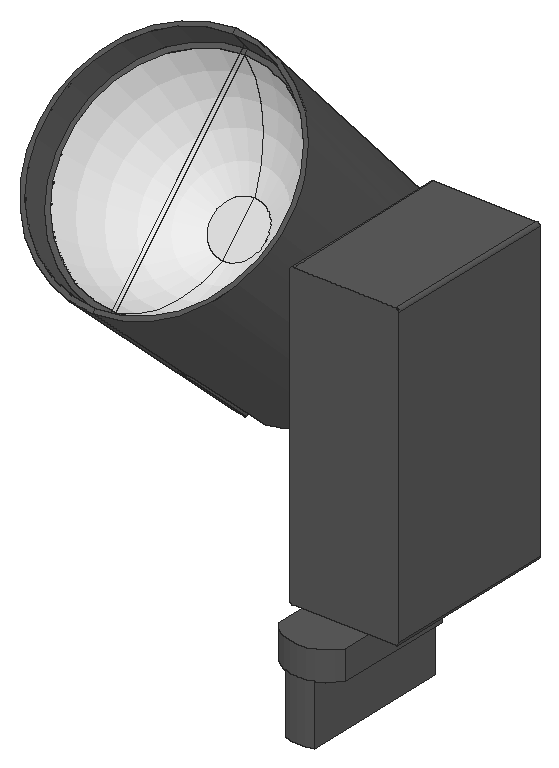
Revit family "0004893 Feilo Sylvania Lighting Fixture START TRACK SPOT L 55W 3K RA90 MB BLACK", category Lighting Fixtures, host Face, Revit 2017 (continued)
Definition of nested family "Start Track Spot Head"
  Types (96, lengths in mm): name | Wattage | built-in parameter 1150134 | Photometric Web File | Model | built-in parameter 1150105 | Lumens | built-in parameter 1150107 | built-in parameter 1150106 | HeadThickness_FEILO | HeadRibOffset_FEILO | HeadRibDepth_FEILO | HeadRibCutWidth_FEILO | HeadRibCutOffset_FEILO | HeadReflectorRadius_FEILO | HeadReflectorOffset_FEILO | HeadLEDRadius_FEILO | HeadHeight_FEILO | HeadDiffusorOffset_FEILO | HeadDiaOut_FEILO | HeadDiaIn_FEILO | HeadAxisFromTop_FEILO | Emit from Circle Diameter | built-in parameter 1150104 | Description | Apparent Load
    0004864 START TRACK SPOT S 24W 3K RA90 WB WHITE | 24 W | (empty or 0) | "0004864.ies" | "START TRACK SPOT S 24W 3K RA90 WB WHITE" | 152.79 (stored number, unit not read) | 1920 lm | 3000 (stored number, unit not read) | 1.5279 (stored number, unit not read) | 1.5 | 4.179 | 55.714 | 7.167 | 50.87 | 50.588 | 55.714 | 9.556 | 117 | 9.435 | 86 | 77.477 | 69.354 | 77.477 | 7.4322 (stored number, unit not read) | "Integrated LED spotlight, Textured White - RAL9016, compact and minimalist design, ideal for retail applications, die-cast aluminium body, passive cooling heatsink. Beam angle: 64°, color temperature: 3000K , total system power: 24W, total fixture output: 1928 lm, LOR: 100%, colour rendering: Ra: 90 typical, LED Chromaticity: 3 step MacAdam ellipse, lifetime: >50000 hours at L70B50, energy class: A++, A+, A, IR/UV free light source without heat radiation, operating voltage: 220-240V / 50-60Hz, drive current: 600mA, electronic driver, non-dimmable, power factor: 0.95, electrical protection: Class II, Global Track 3 Phase adapter suitable for Global trac 3-circuit tracks, ingress protection rating: IP20, suitable for internal environment only, horizontal rotation: 355°, vertical tilt: 90°, dimensions: Ø86x140x200, weight: 0.966kg." | 24 VA
    0004863 START TRACK SPOT S 24W 3K RA90 MB WHITE | 24 W | (empty or 0) | "0004863.ies" | "START TRACK SPOT S 24W 3K RA90 MB WHITE" | 154.7 (stored number, unit not read) | 1944 lm | 3000 (stored number, unit not read) | 1.547 (stored number, unit not read) | 1.5 | 4.179 | 55.714 | 7.167 | 50.87 | 50.588 | 55.714 | 9.556 | 117 | 9.435 | 86 | 77.477 | 69.354 | 77.477 | 7.5251 (stored number, unit not read) | "Integrated LED spotlight, Textured White - RAL9016, compact and minimalist design, ideal for retail applications, die-cast aluminium body, passive cooling heatsink. Beam angle: 36°, color temperature: 3000K , total system power: 24W, total fixture output: 1944 lm, LOR: 100%, colour rendering: Ra: 90 typical, LED Chromaticity: 3 step MacAdam ellipse, lifetime: >50000 hours at L70B50, energy class: A++, A+, A, IR/UV free light source without heat radiation, operating voltage: 220-240V / 50-60Hz, drive current: 600mA, electronic driver, non-dimmable, power factor: 0.95, electrical protection: Class II, Global Track 3 Phase adapter suitable for Global trac 3-circuit tracks, ingress protection rating: IP20, suitable for internal environment only, horizontal rotation: 355°, vertical tilt: 90°, dimensions: Ø86x140x200, weight: 0.966kg." | 24 VA
    0004862 START TRACK SPOT S 24W 3K RA90 NB WHITE | 24 W | (empty or 0) | "0004862.ies" | "START TRACK SPOT S 24W 3K RA90 NB WHITE" | 158.52 (stored number, unit not read) | 1992 lm | 3000 (stored number, unit not read) | 1.5852 (stored number, unit not read) | 1.5 | 4.179 | 55.714 | 7.167 | 50.87 | 50.588 | 55.714 | 9.556 | 117 | 9.435 | 86 | 77.477 | 69.354 | 77.477 | 7.711 (stored number, unit not read) | "Integrated LED spotlight, Textured White - RAL9016, compact and minimalist design, ideal for retail applications, die-cast aluminium body, passive cooling heatsink. Beam angle: 12°, color temperature: 3000K , total system power: 24W, total fixture output: 1987 lm, LOR: 100%, colour rendering: Ra: 90 typical, LED Chromaticity: 3 step MacAdam ellipse, lifetime: >50000 hours at L70B50, energy class: A++, A+, A, IR/UV free light source without heat radiation, operating voltage: 220-240V / 50-60Hz, drive current: 600mA, electronic driver, non-dimmable, power factor: 0.95, electrical protection: Class II, Global Track 3 Phase adapter suitable for Global trac 3-circuit tracks, ingress protection rating: IP20, suitable for internal environment only, horizontal rotation: 355°, vertical tilt: 90°, dimensions: Ø86x140x200, weight: 0.966kg." | 24 VA
    0004861 START TRACK SPOT S 14W 3K RA90 WB WHITE | 14 W | (empty or 0) | "0004861.ies" | "START TRACK SPOT S 14W 3K RA90 WB WHITE" | 100.27 (stored number, unit not read) | 1260 lm | 3000 (stored number, unit not read) | 1.0027 (stored number, unit not read) | 1.5 | 4.179 | 55.714 | 7.167 | 50.87 | 50.588 | 55.714 | 9.556 | 117 | 9.435 | 86 | 77.477 | 69.354 | 77.477 | 8.3613 (stored number, unit not read) | "Integrated LED spotlight, Textured White - RAL9016, compact and minimalist design, ideal for retail applications, die-cast aluminium body, passive cooling heatsink. Beam angle: 64°, color temperature: 3000K , total system power: 14W, total fixture output: 1262 lm, LOR: 100%, colour rendering: Ra: 90 typical, LED Chromaticity: 3 step MacAdam ellipse, lifetime: >50000 hours at L70B50, energy class: A++, A+, A, IR/UV free light source without heat radiation, operating voltage: 220-240V / 50-60Hz, drive current: 350mA, electronic driver, non-dimmable, power factor: 0.92, electrical protection: Class II, Global Track 3 Phase adapter suitable for Global trac 3-circuit tracks, ingress protection rating: IP20, suitable for internal environment only, horizontal rotation: 355°, vertical tilt: 90°, dimensions: Ø86x140x200, weight: 0.940kg." | 14 VA
    0004860 START TRACK SPOT S 14W 3K RA90 MB WHITE | 14 W | (empty or 0) | "0004860.ies" | "START TRACK SPOT S 14W 3K RA90 MB WHITE" | 100.27 (stored number, unit not read) | 1260 lm | 3000 (stored number, unit not read) | 1.0027 (stored number, unit not read) | 1.5 | 4.179 | 55.714 | 7.167 | 50.87 | 50.588 | 55.714 | 9.556 | 117 | 9.435 | 86 | 77.477 | 69.354 | 77.477 | 8.3613 (stored number, unit not read) | "Integrated LED spotlight, Textured White - RAL9016, compact and minimalist design, ideal for retail applications, die-cast aluminium body, passive cooling heatsink. Beam angle: 36°, color temperature: 3000K , total system power: 14W, total fixture output: 1262 lm, LOR: 100%, colour rendering: Ra: 90 typical, LED Chromaticity: 3 step MacAdam ellipse, lifetime: >50000 hours at L70B50, energy class: A++, A+, A, IR/UV free light source without heat radiation, operating voltage: 220-240V / 50-60Hz, drive current: 350mA, electronic driver, non-dimmable, power factor: 0.92, electrical protection: Class II, Global Track 3 Phase adapter suitable for Global trac 3-circuit tracks, ingress protection rating: IP20, suitable for internal environment only, horizontal rotation: 355°, vertical tilt: 90°, dimensions: Ø86x140x200, weight: 0.940kg." | 14 VA
    0004859 START TRACK SPOT S 14W 3K RA90 NB WHITE | 14 W | (empty or 0) | "0004859.ies" | "START TRACK SPOT S 14W 3K RA90 NB WHITE" | 102.5 (stored number, unit not read) | 1288 lm | 3000 (stored number, unit not read) | 1.025 (stored number, unit not read) | 1.5 | 4.179 | 55.714 | 7.167 | 50.87 | 50.588 | 55.714 | 9.556 | 117 | 9.435 | 86 | 77.477 | 69.354 | 77.477 | 8.5471 (stored number, unit not read) | "Integrated LED spotlight, Textured White - RAL9016, compact and minimalist design, ideal for retail applications, die-cast aluminium body, passive cooling heatsink. Beam angle: 12°, color temperature: 3000K , total system power: 14W, total fixture output: 1284 lm, LOR: 100%, colour rendering: Ra: 90 typical, LED Chromaticity: 3 step MacAdam ellipse, lifetime: >50000 hours at L70B50, energy class: A++, A+, A, IR/UV free light source without heat radiation, operating voltage: 220-240V / 50-60Hz, drive current: 350mA, electronic driver, non-dimmable, power factor: 0.92, electrical protection: Class II, Global Track 3 Phase adapter suitable for Global trac 3-circuit tracks, ingress protection rating: IP20, suitable for internal environment only, horizontal rotation: 355°, vertical tilt: 90°, dimensions: Ø86x140x200, weight: 0.940kg." | 14 VA
    0004858 START TRACK SPOT L 55W 4K RA80 WB BLACK | 55 W | 12 | "0004858.ies" | "START TRACK SPOT L 55W 4K RA80 WB BLACK" | 424.55 (stored number, unit not read) | 5335 lm | 4000 (stored number, unit not read) | 4.2455 (stored number, unit not read) | 2 | 4.429 | 59.048 | 9.417 | 53.913 | 66.471 | 59.048 | 12.556 | 124 | 10 | 113 | 101.802 | 73.503 | 101.802 | 9.0116 (stored number, unit not read) | "Integrated LED spotlight, Textured Black - RAL9005, compact and minimalist design, ideal for retail applications, die-cast aluminium body, passive cooling heatsink. Beam angle: 52°, color temperature: 4000K , total system power: 55W, total fixture output: 5320 lm, LOR: 100%, colour rendering: Ra: 80 typical, LED Chromaticity: 3 step MacAdam ellipse, lifetime: >50000 hours at L70B50, energy class: A++, A+, A, IR/UV free light source without heat radiation, operating voltage: 220-240V / 50-60Hz, drive current: 1400mA, electronic driver, non-dimmable, power factor: 0.96, electrical protection: Class II, Global Track 3 Phase adapter suitable for Global trac 3-circuit tracks, ingress protection rating: IP20, suitable for internal environment only, horizontal rotation: 355°, vertical tilt: 90°, dimensions: Ø113x164x240, weight: 1.398kg." | 55 VA
    0004857 START TRACK SPOT L 55W 4K RA80 MB BLACK | 55 W | 12 | "0004857.ies" | "START TRACK SPOT L 55W 4K RA80 MB BLACK" | 428.92 (stored number, unit not read) | 5390 lm | 4000 (stored number, unit not read) | 4.2892 (stored number, unit not read) | 2 | 4.429 | 59.048 | 9.417 | 53.913 | 66.471 | 59.048 | 12.556 | 124 | 10 | 113 | 101.802 | 73.503 | 101.802 | 9.1045 (stored number, unit not read) | "Integrated LED spotlight, Textured Black - RAL9005, compact and minimalist design, ideal for retail applications, die-cast aluminium body, passive cooling heatsink. Beam angle: 38°, color temperature: 4000K , total system power: 55W, total fixture output: 5378 lm, LOR: 100%, colour rendering: Ra: 80 typical, LED Chromaticity: 3 step MacAdam ellipse, lifetime: >50000 hours at L70B50, energy class: A++, A+, A, IR/UV free light source without heat radiation, operating voltage: 220-240V / 50-60Hz, drive current: 1400mA, electronic driver, non-dimmable, power factor: 0.96, electrical protection: Class II, Global Track 3 Phase adapter suitable for Global trac 3-circuit tracks, ingress protection rating: IP20, suitable for internal environment only, horizontal rotation: 355°, vertical tilt: 90°, dimensions: Ø113x164x240, weight: 1.398kg." | 55 VA
    0004856 START TRACK SPOT L 55W 4K RA80 NB BLACK | 55 W | 12 | "0004856.ies" | "START TRACK SPOT L 55W 4K RA80 NB BLACK" | 433.3 (stored number, unit not read) | 5445 lm | 4000 (stored number, unit not read) | 4.333 (stored number, unit not read) | 2 | 4.429 | 59.048 | 9.417 | 53.913 | 66.471 | 59.048 | 12.556 | 124 | 10 | 113 | 101.802 | 73.503 | 101.802 | 9.1974 (stored number, unit not read) | "Integrated LED spotlight, Textured Black - RAL9005, compact and minimalist design, ideal for retail applications, die-cast aluminium body, passive cooling heatsink. Beam angle: 15°, color temperature: 4000K , total system power: 55W, total fixture output: 5426 lm, LOR: 100%, colour rendering: Ra: 80 typical, LED Chromaticity: 3 step MacAdam ellipse, lifetime: >50000 hours at L70B50, energy class: A++, A+, A, IR/UV free light source without heat radiation, operating voltage: 220-240V / 50-60Hz, drive current: 1400mA, electronic driver, non-dimmable, power factor: 0.96, electrical protection: Class II, Global Track 3 Phase adapter suitable for Global trac 3-circuit tracks, ingress protection rating: IP20, suitable for internal environment only, horizontal rotation: 355°, vertical tilt: 90°, dimensions: Ø113x164x240, weight: 1.398kg." | 55 VA
    0004855 START TRACK SPOT L 35W 4K RA80 WB BLACK | 35 W | 12 | "0004855.ies" | "START TRACK SPOT L 35W 4K RA80 WB BLACK" | 320.3 (stored number, unit not read) | 4025 lm | 4000 (stored number, unit not read) | 3.203 (stored number, unit not read) | 2 | 4.429 | 59.048 | 9.417 | 53.913 | 66.471 | 59.048 | 12.556 | 124 | 10 | 113 | 101.802 | 73.503 | 101.802 | 10.684 (stored number, unit not read) | "Integrated LED spotlight, Textured Black - RAL9005, compact and minimalist design, ideal for retail applications, die-cast aluminium body, passive cooling heatsink. Beam angle: 52°, color temperature: 4000K , total system power: 35W, total fixture output: 4010 lm, LOR: 100%, colour rendering: Ra: 80 typical, LED Chromaticity: 3 step MacAdam ellipse, lifetime: >50000 hours at L70B50, energy class: A++, A+, A, IR/UV free light source without heat radiation, operating voltage: 220-240V / 50-60Hz, drive current: 900mA, electronic driver, non-dimmable, power factor: 0.93, electrical protection: Class II, Global Track 3 Phase adapter suitable for Global trac 3-circuit tracks, ingress protection rating: IP20, suitable for internal environment only, horizontal rotation: 355°, vertical tilt: 90°, dimensions: Ø113x164x240, weight: 1.368kg." | 35 VA
    0004854 START TRACK SPOT L 35W 4K RA80 MB BLACK | 35 W | 12 | "0004854.ies" | "START TRACK SPOT L 35W 4K RA80 MB BLACK" | 320.3 (stored number, unit not read) | 4025 lm | 4000 (stored number, unit not read) | 3.203 (stored number, unit not read) | 2 | 4.429 | 59.048 | 9.417 | 53.913 | 66.471 | 59.048 | 12.556 | 124 | 10 | 113 | 101.802 | 73.503 | 101.802 | 10.684 (stored number, unit not read) | "Integrated LED spotlight, Textured Black - RAL9005, compact and minimalist design, ideal for retail applications, die-cast aluminium body, passive cooling heatsink. Beam angle: 38°, color temperature: 4000K , total system power: 35W, total fixture output: 4017 lm, LOR: 100%, colour rendering: Ra: 80 typical, LED Chromaticity: 3 step MacAdam ellipse, lifetime: >50000 hours at L70B50, energy class: A++, A+, A, IR/UV free light source without heat radiation, operating voltage: 220-240V / 50-60Hz, drive current: 900mA, electronic driver, non-dimmable, power factor: 0.93, electrical protection: Class II, Global Track 3 Phase adapter suitable for Global trac 3-circuit tracks, ingress protection rating: IP20, suitable for internal environment only, horizontal rotation: 355°, vertical tilt: 90°, dimensions: Ø113x164x240, weight: 1.368kg." | 35 VA
    0004853 START TRACK SPOT L 35W 4K RA80 NB BLACK | 35 W | 12 | "0004853.ies" | "START TRACK SPOT L 35W 4K RA80 NB BLACK" | 331.44 (stored number, unit not read) | 4165 lm | 4000 (stored number, unit not read) | 3.3144 (stored number, unit not read) | 2 | 4.429 | 59.048 | 9.417 | 53.913 | 66.471 | 59.048 | 12.556 | 124 | 10 | 113 | 101.802 | 73.503 | 101.802 | 11.055 (stored number, unit not read) | "Integrated LED spotlight, Textured Black - RAL9005, compact and minimalist design, ideal for retail applications, die-cast aluminium body, passive cooling heatsink. Beam angle: 15°, color temperature: 4000K , total system power: 35W, total fixture output: 4174 lm, LOR: 100%, colour rendering: Ra: 80 typical, LED Chromaticity: 3 step MacAdam ellipse, lifetime: >50000 hours at L70B50, energy class: A++, A+, A, IR/UV free light source without heat radiation, operating voltage: 220-240V / 50-60Hz, drive current: 900mA, electronic driver, non-dimmable, power factor: 0.93, electrical protection: Class II, Global Track 3 Phase adapter suitable for Global trac 3-circuit tracks, ingress protection rating: IP20, suitable for internal environment only, horizontal rotation: 355°, vertical tilt: 90°, dimensions: Ø113x164x240, weight: 1.368kg." | 35 VA
    0004852 START TRACK SPOT S 24W 4K RA80 WB BLACK | 24 W | 12 | "0004852.ies" | "START TRACK SPOT S 24W 4K RA80 WB BLACK" | 196.72 (stored number, unit not read) | 2472 lm | 4000 (stored number, unit not read) | 1.9672 (stored number, unit not read) | 1.5 | 4.179 | 55.714 | 7.167 | 50.87 | 50.588 | 55.714 | 9.556 | 117 | 9.435 | 86 | 77.477 | 69.354 | 77.477 | 9.569 (stored number, unit not read) | "Integrated LED spotlight, Textured Black - RAL9005, compact and minimalist design, ideal for retail applications, die-cast aluminium body, passive cooling heatsink. Beam angle: 64°, color temperature: 4000K , total system power: 24W, total fixture output: 2476 lm, LOR: 100%, colour rendering: Ra: 80 typical, LED Chromaticity: 3 step MacAdam ellipse, lifetime: >50000 hours at L70B50, energy class: A++, A+, A, IR/UV free light source without heat radiation, operating voltage: 220-240V / 50-60Hz, drive current: 600mA, electronic driver, non-dimmable, power factor: 0.95, electrical protection: Class II, Global Track 3 Phase adapter suitable for Global trac 3-circuit tracks, ingress protection rating: IP20, suitable for internal environment only, horizontal rotation: 355°, vertical tilt: 90°, dimensions: Ø86x140x200, weight: 0.966kg." | 24 VA
    0004851 START TRACK SPOT S 24W 4K RA80 MB BLACK | 24 W | 12 | "0004851.ies" | "START TRACK SPOT S 24W 4K RA80 MB BLACK" | 198.63 (stored number, unit not read) | 2496 lm | 4000 (stored number, unit not read) | 1.9863 (stored number, unit not read) | 1.5 | 4.179 | 55.714 | 7.167 | 50.87 | 50.588 | 55.714 | 9.556 | 117 | 9.435 | 86 | 77.477 | 69.354 | 77.477 | 9.6619 (stored number, unit not read) | "Integrated LED spotlight, Textured Black - RAL9005, compact and minimalist design, ideal for retail applications, die-cast aluminium body, passive cooling heatsink. Beam angle: 36°, color temperature: 4000K , total system power: 24W, total fixture output: 2487 lm, LOR: 100%, colour rendering: Ra: 80 typical, LED Chromaticity: 3 step MacAdam ellipse, lifetime: >50000 hours at L70B50, energy class: A++, A+, A, IR/UV free light source without heat radiation, operating voltage: 220-240V / 50-60Hz, drive current: 600mA, electronic driver, non-dimmable, power factor: 0.95, electrical protection: Class II, Global Track 3 Phase adapter suitable for Global trac 3-circuit tracks, ingress protection rating: IP20, suitable for internal environment only, horizontal rotation: 355°, vertical tilt: 90°, dimensions: Ø86x140x200, weight: 0.966kg." | 24 VA
    0004850 START TRACK SPOT S 24W 4K RA80 NB BLACK | 24 W | 12 | "0004850.ies" | "START TRACK SPOT S 24W 4K RA80 NB BLACK" | 200.54 (stored number, unit not read) | 2520 lm | 4000 (stored number, unit not read) | 2.0054 (stored number, unit not read) | 1.5 | 4.179 | 55.714 | 7.167 | 50.87 | 50.588 | 55.714 | 9.556 | 117 | 9.435 | 86 | 77.477 | 69.354 | 77.477 | 9.7548 (stored number, unit not read) | "Integrated LED spotlight, Textured Black - RAL9005, compact and minimalist design, ideal for retail applications, die-cast aluminium body, passive cooling heatsink. Beam angle: 12°, color temperature: 4000K , total system power: 24W, total fixture output: 2529 lm, LOR: 100%, colour rendering: Ra: 80 typical, LED Chromaticity: 3 step MacAdam ellipse, lifetime: >50000 hours at L70B50, energy class: A++, A+, A, IR/UV free light source without heat radiation, operating voltage: 220-240V / 50-60Hz, drive current: 600mA, electronic driver, non-dimmable, power factor: 0.95, electrical protection: Class II, Global Track 3 Phase adapter suitable for Global trac 3-circuit tracks, ingress protection rating: IP20, suitable for internal environment only, horizontal rotation: 355°, vertical tilt: 90°, dimensions: Ø86x140x200, weight: 0.966kg." | 24 VA
    0004849 START TRACK SPOT S 14W 4K RA80 WB BLACK | 14 W | 12 | "0004849.ies" | "START TRACK SPOT S 14W 4K RA80 WB BLACK" | 123.66 (stored number, unit not read) | 1554 lm | 4000 (stored number, unit not read) | 1.2366 (stored number, unit not read) | 1.5 | 4.179 | 55.714 | 7.167 | 50.87 | 50.588 | 55.714 | 9.556 | 117 | 9.435 | 86 | 77.477 | 69.354 | 77.477 | 10.312 (stored number, unit not read) | "Integrated LED spotlight, Textured Black - RAL9005, compact and minimalist design, ideal for retail applications, die-cast aluminium body, passive cooling heatsink. Beam angle: 64°, color temperature: 4000K , total system power: 14W, total fixture output: 1558 lm, LOR: 100%, colour rendering: Ra: 80 typical, LED Chromaticity: 3 step MacAdam ellipse, lifetime: >50000 hours at L70B50, energy class: A++, A+, A, IR/UV free light source without heat radiation, operating voltage: 220-240V / 50-60Hz, drive current: 350mA, electronic driver, non-dimmable, power factor: 0.92, electrical protection: Class II, Global Track 3 Phase adapter suitable for Global trac 3-circuit tracks, ingress protection rating: IP20, suitable for internal environment only, horizontal rotation: 355°, vertical tilt: 90°, dimensions: Ø86x140x200, weight: 0.940kg." | 14 VA
    0004848 START TRACK SPOT S 14W 4K RA80 MB BLACK | 14 W | 12 | "0004848.ies" | "START TRACK SPOT S 14W 4K RA80 MB BLACK" | 127.01 (stored number, unit not read) | 1596 lm | 4000 (stored number, unit not read) | 1.2701 (stored number, unit not read) | 1.5 | 4.179 | 55.714 | 7.167 | 50.87 | 50.588 | 55.714 | 9.556 | 117 | 9.435 | 86 | 77.477 | 69.354 | 77.477 | 10.591 (stored number, unit not read) | "Integrated LED spotlight, Textured Black - RAL9005, compact and minimalist design, ideal for retail applications, die-cast aluminium body, passive cooling heatsink. Beam angle: 36°, color temperature: 4000K , total system power: 14W, total fixture output: 1598 lm, LOR: 100%, colour rendering: Ra: 80 typical, LED Chromaticity: 3 step MacAdam ellipse, lifetime: >50000 hours at L70B50, energy class: A++, A+, A, IR/UV free light source without heat radiation, operating voltage: 220-240V / 50-60Hz, drive current: 350mA, electronic driver, non-dimmable, power factor: 0.92, electrical protection: Class II, Global Track 3 Phase adapter suitable for Global trac 3-circuit tracks, ingress protection rating: IP20, suitable for internal environment only, horizontal rotation: 355°, vertical tilt: 90°, dimensions: Ø86x140x200, weight: 0.940kg." | 14 VA
    0004847 START TRACK SPOT S 14W 4K RA80 NB BLACK | 14 W | 12 | "0004847.ies" | "START TRACK SPOT S 14W 4K RA80 NB BLACK" | 128.12 (stored number, unit not read) | 1610 lm | 4000 (stored number, unit not read) | 1.2812 (stored number, unit not read) | 1.5 | 4.179 | 55.714 | 7.167 | 50.87 | 50.588 | 55.714 | 9.556 | 117 | 9.435 | 86 | 77.477 | 69.354 | 77.477 | 10.684 (stored number, unit not read) | "Integrated LED spotlight, Textured Black - RAL9005, compact and minimalist design, ideal for retail applications, die-cast aluminium body, passive cooling heatsink. Beam angle: 12°, color temperature: 4000K , total system power: 14W, total fixture output: 1608 lm, LOR: 100%, colour rendering: Ra: 80 typical, LED Chromaticity: 3 step MacAdam ellipse, lifetime: >50000 hours at L70B50, energy class: A++, A+, A, IR/UV free light source without heat radiation, operating voltage: 220-240V / 50-60Hz, drive current: 350mA, electronic driver, non-dimmable, power factor: 0.92, electrical protection: Class II, Global Track 3 Phase adapter suitable for Global trac 3-circuit tracks, ingress protection rating: IP20, suitable for internal environment only, horizontal rotation: 355°, vertical tilt: 90°, dimensions: Ø86x140x200, weight: 0.940kg." | 14 VA
    0004846 START TRACK SPOT L 55W 3K RA80 WB BLACK | 55 W | (empty or 0) | "0004846.ies" | "START TRACK SPOT L 55W 3K RA80 WB BLACK" | 420.17 (stored number, unit not read) | 5280 lm | 3000 (stored number, unit not read) | 4.2017 (stored number, unit not read) | 2 | 4.429 | 59.048 | 9.417 | 53.913 | 66.471 | 59.048 | 12.556 | 124 | 10 | 113 | 101.802 | 73.503 | 101.802 | 8.9187 (stored number, unit not read) | "Integrated LED spotlight, Textured Black - RAL9005, compact and minimalist design, ideal for retail applications, die-cast aluminium body, passive cooling heatsink. Beam angle: 52°, color temperature: 3000K , total system power: 55W, total fixture output: 5298 lm, LOR: 100%, colour rendering: Ra: 80 typical, LED Chromaticity: 3 step MacAdam ellipse, lifetime: >50000 hours at L70B50, energy class: A++, A+, A, IR/UV free light source without heat radiation, operating voltage: 220-240V / 50-60Hz, drive current: 1400mA, electronic driver, non-dimmable, power factor: 0.96, electrical protection: Class II, Global Track 3 Phase adapter suitable for Global trac 3-circuit tracks, ingress protection rating: IP20, suitable for internal environment only, horizontal rotation: 355°, vertical tilt: 90°, dimensions: Ø113x164x240, weight: 1.398kg." | 55 VA
    0004845 START TRACK SPOT L 55W 3K RA80 MB BLACK | 55 W | (empty or 0) | "0004845.ies" | "START TRACK SPOT L 55W 3K RA80 MB BLACK" | 428.92 (stored number, unit not read) | 5390 lm | 3000 (stored number, unit not read) | 4.2892 (stored number, unit not read) | 2 | 4.429 | 59.048 | 9.417 | 53.913 | 66.471 | 59.048 | 12.556 | 124 | 10 | 113 | 101.802 | 73.503 | 101.802 | 9.1045 (stored number, unit not read) | "Integrated LED spotlight, Textured Black - RAL9005, compact and minimalist design, ideal for retail applications, die-cast aluminium body, passive cooling heatsink. Beam angle: 38°, color temperature: 3000K , total system power: 55W, total fixture output: 5381 lm, LOR: 100%, colour rendering: Ra: 80 typical, LED Chromaticity: 3 step MacAdam ellipse, lifetime: >50000 hours at L70B50, energy class: A++, A+, A, IR/UV free light source without heat radiation, operating voltage: 220-240V / 50-60Hz, drive current: 1400mA, electronic driver, non-dimmable, power factor: 0.96, electrical protection: Class II, Global Track 3 Phase adapter suitable for Global trac 3-circuit tracks, ingress protection rating: IP20, suitable for internal environment only, horizontal rotation: 355°, vertical tilt: 90°, dimensions: Ø113x164x240, weight: 1.398kg." | 55 VA
    0004844 START TRACK SPOT L 55W 3K RA80 NB BLACK | 55 W | (empty or 0) | "0004844.ies" | "START TRACK SPOT L 55W 3K RA80 NB BLACK" | 433.3 (stored number, unit not read) | 5445 lm | 3000 (stored number, unit not read) | 4.333 (stored number, unit not read) | 2 | 4.429 | 59.048 | 9.417 | 53.913 | 66.471 | 59.048 | 12.556 | 124 | 10 | 113 | 101.802 | 73.503 | 101.802 | 9.1974 (stored number, unit not read) | "Integrated LED spotlight, Textured Black - RAL9005, compact and minimalist design, ideal for retail applications, die-cast aluminium body, passive cooling heatsink. Beam angle: 15°, color temperature: 3000K , total system power: 55W, total fixture output: 5449 lm, LOR: 100%, colour rendering: Ra: 80 typical, LED Chromaticity: 3 step MacAdam ellipse, lifetime: >50000 hours at L70B50, energy class: A++, A+, A, IR/UV free light source without heat radiation, operating voltage: 220-240V / 50-60Hz, drive current: 1400mA, electronic driver, non-dimmable, power factor: 0.96, electrical protection: Class II, Global Track 3 Phase adapter suitable for Global trac 3-circuit tracks, ingress protection rating: IP20, suitable for internal environment only, horizontal rotation: 355°, vertical tilt: 90°, dimensions: Ø113x164x240, weight: 1.398kg." | 55 VA
    0004843 START TRACK SPOT L 35W 3K RA80 WB BLACK | 35 W | (empty or 0) | "0004843.ies" | "START TRACK SPOT L 35W 3K RA80 WB BLACK" | 314.73 (stored number, unit not read) | 3955 lm | 3000 (stored number, unit not read) | 3.1473 (stored number, unit not read) | 2 | 4.429 | 59.048 | 9.417 | 53.913 | 66.471 | 59.048 | 12.556 | 124 | 10 | 113 | 101.802 | 73.503 | 101.802 | 10.498 (stored number, unit not read) | "Integrated LED spotlight, Textured Black - RAL9005, compact and minimalist design, ideal for retail applications, die-cast aluminium body, passive cooling heatsink. Beam angle: 52°, color temperature: 3000K , total system power: 35W, total fixture output: 3943 lm, LOR: 100%, colour rendering: Ra: 80 typical, LED Chromaticity: 3 step MacAdam ellipse, lifetime: >50000 hours at L70B50, energy class: A++, A+, A, IR/UV free light source without heat radiation, operating voltage: 220-240V / 50-60Hz, drive current: 900mA, electronic driver, non-dimmable, power factor: 0.93, electrical protection: Class II, Global Track 3 Phase adapter suitable for Global trac 3-circuit tracks, ingress protection rating: IP20, suitable for internal environment only, horizontal rotation: 355°, vertical tilt: 90°, dimensions: Ø113x164x240, weight: 1.368kg." | 35 VA
    0004842 START TRACK SPOT L 35W 3K RA80 MB BLACK | 35 W | (empty or 0) | "0004842.ies" | "START TRACK SPOT L 35W 3K RA80 MB BLACK" | 320.3 (stored number, unit not read) | 4025 lm | 3000 (stored number, unit not read) | 3.203 (stored number, unit not read) | 2 | 4.429 | 59.048 | 9.417 | 53.913 | 66.471 | 59.048 | 12.556 | 124 | 10 | 113 | 101.802 | 73.503 | 101.802 | 10.684 (stored number, unit not read) | "Integrated LED spotlight, Textured Black - RAL9005, compact and minimalist design, ideal for retail applications, die-cast aluminium body, passive cooling heatsink. Beam angle: 38°, color temperature: 3000K , total system power: 35W, total fixture output: 4008 lm, LOR: 100%, colour rendering: Ra: 80 typical, LED Chromaticity: 3 step MacAdam ellipse, lifetime: >50000 hours at L70B50, energy class: A++, A+, A, IR/UV free light source without heat radiation, operating voltage: 220-240V / 50-60Hz, drive current: 900mA, electronic driver, non-dimmable, power factor: 0.93, electrical protection: Class II, Global Track 3 Phase adapter suitable for Global trac 3-circuit tracks, ingress protection rating: IP20, suitable for internal environment only, horizontal rotation: 355°, vertical tilt: 90°, dimensions: Ø113x164x240, weight: 1.368kg." | 35 VA
    0004841 START TRACK SPOT L 35W 3K RA80 NB BLACK | 35 W | (empty or 0) | "0004841.ies" | "START TRACK SPOT L 35W 3K RA80 NB BLACK" | 317.51 (stored number, unit not read) | 3990 lm | 3000 (stored number, unit not read) | 3.1751 (stored number, unit not read) | 2 | 4.429 | 59.048 | 9.417 | 53.913 | 66.471 | 59.048 | 12.556 | 124 | 10 | 113 | 101.802 | 73.503 | 101.802 | 10.591 (stored number, unit not read) | "Integrated LED spotlight, Textured Black - RAL9005, compact and minimalist design, ideal for retail applications, die-cast aluminium body, passive cooling heatsink. Beam angle: 15°, color temperature: 3000K , total system power: 35W, total fixture output: 4005 lm, LOR: 100%, colour rendering: Ra: 80 typical, LED Chromaticity: 3 step MacAdam ellipse, lifetime: >50000 hours at L70B50, energy class: A++, A+, A, IR/UV free light source without heat radiation, operating voltage: 220-240V / 50-60Hz, drive current: 900mA, electronic driver, non-dimmable, power factor: 0.93, electrical protection: Class II, Global Track 3 Phase adapter suitable for Global trac 3-circuit tracks, ingress protection rating: IP20, suitable for internal environment only, horizontal rotation: 355°, vertical tilt: 90°, dimensions: Ø113x164x240, weight: 1.368kg." | 35 VA
    0004840 START TRACK SPOT S 24W 3K RA80 WB BLACK | 24 W | (empty or 0) | "0004840.ies" | "START TRACK SPOT S 24W 3K RA80 WB BLACK" | 185.26 (stored number, unit not read) | 2328 lm | 3000 (stored number, unit not read) | 1.8526 (stored number, unit not read) | 1.5 | 4.179 | 55.714 | 7.167 | 50.87 | 50.588 | 55.714 | 9.556 | 117 | 9.435 | 86 | 77.477 | 69.354 | 77.477 | 9.0116 (stored number, unit not read) | "Integrated LED spotlight, Textured Black - RAL9005, compact and minimalist design, ideal for retail applications, die-cast aluminium body, passive cooling heatsink. Beam angle: 64°, color temperature: 3000K , total system power: 24W, total fixture output: 2318 lm, LOR: 100%, colour rendering: Ra: 80 typical, LED Chromaticity: 3 step MacAdam ellipse, lifetime: >50000 hours at L70B50, energy class: A++, A+, A, IR/UV free light source without heat radiation, operating voltage: 220-240V / 50-60Hz, drive current: 600mA, electronic driver, non-dimmable, power factor: 0.95, electrical protection: Class II, Global Track 3 Phase adapter suitable for Global trac 3-circuit tracks, ingress protection rating: IP20, suitable for internal environment only, horizontal rotation: 355°, vertical tilt: 90°, dimensions: Ø86x140x200, weight: 0.966kg." | 24 VA
    0004839 START TRACK SPOT S 24W 3K RA80 MB BLACK | 24 W | (empty or 0) | "0004839.ies" | "START TRACK SPOT S 24W 3K RA80 MB BLACK" | 183.35 (stored number, unit not read) | 2304 lm | 3000 (stored number, unit not read) | 1.8335 (stored number, unit not read) | 1.5 | 4.179 | 55.714 | 7.167 | 50.87 | 50.588 | 55.714 | 9.556 | 117 | 9.435 | 86 | 77.477 | 69.354 | 77.477 | 8.9187 (stored number, unit not read) | "Integrated LED spotlight, Textured Black - RAL9005, compact and minimalist design, ideal for retail applications, die-cast aluminium body, passive cooling heatsink. Beam angle: 36°, color temperature: 3000K , total system power: 24W, total fixture output: 2314 lm, LOR: 100%, colour rendering: Ra: 80 typical, LED Chromaticity: 3 step MacAdam ellipse, lifetime: >50000 hours at L70B50, energy class: A++, A+, A, IR/UV free light source without heat radiation, operating voltage: 220-240V / 50-60Hz, drive current: 600mA, electronic driver, non-dimmable, power factor: 0.95, electrical protection: Class II, Global Track 3 Phase adapter suitable for Global trac 3-circuit tracks, ingress protection rating: IP20, suitable for internal environment only, horizontal rotation: 355°, vertical tilt: 90°, dimensions: Ø86x140x200, weight: 0.966kg." | 24 VA
    0004838 START TRACK SPOT S 24W 3K RA80 NB BLACK | 24 W | (empty or 0) | "0004838.ies" | "START TRACK SPOT S 24W 3K RA80 NB BLACK" | 185.26 (stored number, unit not read) | 2328 lm | 3000 (stored number, unit not read) | 1.8526 (stored number, unit not read) | 1.5 | 4.179 | 55.714 | 7.167 | 50.87 | 50.588 | 55.714 | 9.556 | 117 | 9.435 | 86 | 77.477 | 69.354 | 77.477 | 9.0116 (stored number, unit not read) | "Integrated LED spotlight, Textured Black - RAL9005, compact and minimalist design, ideal for retail applications, die-cast aluminium body, passive cooling heatsink. Beam angle: 12°, color temperature: 3000K , total system power: 24W, total fixture output: 2334 lm, LOR: 100%, colour rendering: Ra: 80 typical, LED Chromaticity: 3 step MacAdam ellipse, lifetime: >50000 hours at L70B50, energy class: A++, A+, A, IR/UV free light source without heat radiation, operating voltage: 220-240V / 50-60Hz, drive current: 600mA, electronic driver, non-dimmable, power factor: 0.95, electrical protection: Class II, Global Track 3 Phase adapter suitable for Global trac 3-circuit tracks, ingress protection rating: IP20, suitable for internal environment only, horizontal rotation: 355°, vertical tilt: 90°, dimensions: Ø86x140x200, weight: 0.966kg." | 24 VA
    0004837 START TRACK SPOT S 14W 3K RA80 WB BLACK | 14 W | (empty or 0) | "0004837.ies" | "START TRACK SPOT S 14W 3K RA80 WB BLACK" | 119.21 (stored number, unit not read) | 1498 lm | 3000 (stored number, unit not read) | 1.1921 (stored number, unit not read) | 1.5 | 4.179 | 55.714 | 7.167 | 50.87 | 50.588 | 55.714 | 9.556 | 117 | 9.435 | 86 | 77.477 | 69.354 | 77.477 | 9.9406 (stored number, unit not read) | "Integrated LED spotlight, Textured Black - RAL9005, compact and minimalist design, ideal for retail applications, die-cast aluminium body, passive cooling heatsink. Beam angle: 64°, color temperature: 3000K , total system power: 14W, total fixture output: 1498 lm, LOR: 100%, colour rendering: Ra: 80 typical, LED Chromaticity: 3 step MacAdam ellipse, lifetime: >50000 hours at L70B50, energy class: A++, A+, A, IR/UV free light source without heat radiation, operating voltage: 220-240V / 50-60Hz, drive current: 350mA, electronic driver, non-dimmable, power factor: 0.92, electrical protection: Class II, Global Track 3 Phase adapter suitable for Global trac 3-circuit tracks, ingress protection rating: IP20, suitable for internal environment only, horizontal rotation: 355°, vertical tilt: 90°, dimensions: Ø86x140x200, weight: 0.940kg." | 14 VA
    0004836 START TRACK SPOT S 14W 3K RA80 MB BLACK | 14 W | (empty or 0) | "0004836.ies" | "START TRACK SPOT S 14W 3K RA80 MB BLACK" | 120.32 (stored number, unit not read) | 1512 lm | 3000 (stored number, unit not read) | 1.2032 (stored number, unit not read) | 1.5 | 4.179 | 55.714 | 7.167 | 50.87 | 50.588 | 55.714 | 9.556 | 117 | 9.435 | 86 | 77.477 | 69.354 | 77.477 | 10.034 (stored number, unit not read) | "Integrated LED spotlight, Textured Black - RAL9005, compact and minimalist design, ideal for retail applications, die-cast aluminium body, passive cooling heatsink. Beam angle: 36°, color temperature: 3000K , total system power: 14W, total fixture output: 1508 lm, LOR: 100%, colour rendering: Ra: 80 typical, LED Chromaticity: 3 step MacAdam ellipse, lifetime: >50000 hours at L70B50, energy class: A++, A+, A, IR/UV free light source without heat radiation, operating voltage: 220-240V / 50-60Hz, drive current: 350mA, electronic driver, non-dimmable, power factor: 0.92, electrical protection: Class II, Global Track 3 Phase adapter suitable for Global trac 3-circuit tracks, ingress protection rating: IP20, suitable for internal environment only, horizontal rotation: 355°, vertical tilt: 90°, dimensions: Ø86x140x200, weight: 0.940kg." | 14 VA
    0004835 START TRACK SPOT S 14W 3K RA80 NB BLACK | 14 W | (empty or 0) | "0004835.ies" | "START TRACK SPOT S 14W 3K RA80 NB BLACK" | 123.66 (stored number, unit not read) | 1554 lm | 3000 (stored number, unit not read) | 1.2366 (stored number, unit not read) | 1.5 | 4.179 | 55.714 | 7.167 | 50.87 | 50.588 | 55.714 | 9.556 | 117 | 9.435 | 86 | 77.477 | 69.354 | 77.477 | 10.312 (stored number, unit not read) | "Integrated LED spotlight, Textured Black - RAL9005, compact and minimalist design, ideal for retail applications, die-cast aluminium body, passive cooling heatsink. Beam angle: 12°, color temperature: 3000K , total system power: 14W, total fixture output: 1551 lm, LOR: 100%, colour rendering: Ra: 80 typical, LED Chromaticity: 3 step MacAdam ellipse, lifetime: >50000 hours at L70B50, energy class: A++, A+, A, IR/UV free light source without heat radiation, operating voltage: 220-240V / 50-60Hz, drive current: 350mA, electronic driver, non-dimmable, power factor: 0.92, electrical protection: Class II, Global Track 3 Phase adapter suitable for Global trac 3-circuit tracks, ingress protection rating: IP20, suitable for internal environment only, horizontal rotation: 355°, vertical tilt: 90°, dimensions: Ø86x140x200, weight: 0.940kg." | 14 VA
    0004834 START TRACK SPOT L 55W 4K RA80 WB WHITE | 55 W | 12 | "0004834.ies" | "START TRACK SPOT L 55W 4K RA80 WB WHITE" | 424.55 (stored number, unit not read) | 5335 lm | 4000 (stored number, unit not read) | 4.2455 (stored number, unit not read) | 2 | 4.429 | 59.048 | 9.417 | 53.913 | 66.471 | 59.048 | 12.556 | 124 | 10 | 113 | 101.802 | 73.503 | 101.802 | 9.0116 (stored number, unit not read) | "Integrated LED spotlight, Textured White - RAL9016, compact and minimalist design, ideal for retail applications, die-cast aluminium body, passive cooling heatsink. Beam angle: 52°, color temperature: 4000K , total system power: 55W, total fixture output: 5320 lm, LOR: 100%, colour rendering: Ra: 80 typical, LED Chromaticity: 3 step MacAdam ellipse, lifetime: >50000 hours at L70B50, energy class: A++, A+, A, IR/UV free light source without heat radiation, operating voltage: 220-240V / 50-60Hz, drive current: 1400mA, electronic driver, non-dimmable, power factor: 0.96, electrical protection: Class II, Global Track 3 Phase adapter suitable for Global trac 3-circuit tracks, ingress protection rating: IP20, suitable for internal environment only, horizontal rotation: 355°, vertical tilt: 90°, dimensions: Ø113x164x240, weight: 1.398kg." | 55 VA
    0004833 START TRACK SPOT L 55W 4K RA80 MB WHITE | 55 W | 12 | "0004833.ies" | "START TRACK SPOT L 55W 4K RA80 MB WHITE" | 428.92 (stored number, unit not read) | 5390 lm | 4000 (stored number, unit not read) | 4.2892 (stored number, unit not read) | 2 | 4.429 | 59.048 | 9.417 | 53.913 | 66.471 | 59.048 | 12.556 | 124 | 10 | 113 | 101.802 | 73.503 | 101.802 | 9.1045 (stored number, unit not read) | "Integrated LED spotlight, Textured White - RAL9016, compact and minimalist design, ideal for retail applications, die-cast aluminium body, passive cooling heatsink. Beam angle: 38°, color temperature: 4000K , total system power: 55W, total fixture output: 5378 lm, LOR: 100%, colour rendering: Ra: 80 typical, LED Chromaticity: 3 step MacAdam ellipse, lifetime: >50000 hours at L70B50, energy class: A++, A+, A, IR/UV free light source without heat radiation, operating voltage: 220-240V / 50-60Hz, drive current: 1400mA, electronic driver, non-dimmable, power factor: 0.96, electrical protection: Class II, Global Track 3 Phase adapter suitable for Global trac 3-circuit tracks, ingress protection rating: IP20, suitable for internal environment only, horizontal rotation: 355°, vertical tilt: 90°, dimensions: Ø113x164x240, weight: 1.398kg." | 55 VA
    0004832 START TRACK SPOT L 55W 4K RA80 NB WHITE | 55 W | 12 | "0004832.ies" | "START TRACK SPOT L 55W 4K RA80 NB WHITE" | 433.3 (stored number, unit not read) | 5445 lm | 4000 (stored number, unit not read) | 4.333 (stored number, unit not read) | 2 | 4.429 | 59.048 | 9.417 | 53.913 | 66.471 | 59.048 | 12.556 | 124 | 10 | 113 | 101.802 | 73.503 | 101.802 | 9.1974 (stored number, unit not read) | "Integrated LED spotlight, Textured White - RAL9016, compact and minimalist design, ideal for retail applications, die-cast aluminium body, passive cooling heatsink. Beam angle: 15°, color temperature: 4000K , total system power: 55W, total fixture output: 5426 lm, LOR: 100%, colour rendering: Ra: 80 typical, LED Chromaticity: 3 step MacAdam ellipse, lifetime: >50000 hours at L70B50, energy class: A++, A+, A, IR/UV free light source without heat radiation, operating voltage: 220-240V / 50-60Hz, drive current: 1400mA, electronic driver, non-dimmable, power factor: 0.96, electrical protection: Class II, Global Track 3 Phase adapter suitable for Global trac 3-circuit tracks, ingress protection rating: IP20, suitable for internal environment only, horizontal rotation: 355°, vertical tilt: 90°, dimensions: Ø113x164x240, weight: 1.398kg." | 55 VA
    0004831 START TRACK SPOT L 35W 4K RA80 WB WHITE | 35 W | 12 | "0004831.ies" | "START TRACK SPOT L 35W 4K RA80 WB WHITE" | 320.3 (stored number, unit not read) | 4025 lm | 4000 (stored number, unit not read) | 3.203 (stored number, unit not read) | 2 | 4.429 | 59.048 | 9.417 | 53.913 | 66.471 | 59.048 | 12.556 | 124 | 10 | 113 | 101.802 | 73.503 | 101.802 | 10.684 (stored number, unit not read) | "Integrated LED spotlight, Textured White - RAL9016, compact and minimalist design, ideal for retail applications, die-cast aluminium body, passive cooling heatsink. Beam angle: 52°, color temperature: 4000K , total system power: 35W, total fixture output: 4010 lm, LOR: 100%, colour rendering: Ra: 80 typical, LED Chromaticity: 3 step MacAdam ellipse, lifetime: >50000 hours at L70B50, energy class: A++, A+, A, IR/UV free light source without heat radiation, operating voltage: 220-240V / 50-60Hz, drive current: 900mA, electronic driver, non-dimmable, power factor: 0.93, electrical protection: Class II, Global Track 3 Phase adapter suitable for Global trac 3-circuit tracks, ingress protection rating: IP20, suitable for internal environment only, horizontal rotation: 355°, vertical tilt: 90°, dimensions: Ø113x164x240, weight: 1.368kg." | 35 VA
    0004830 START TRACK SPOT L 35W 4K RA80 MB WHITE | 35 W | 12 | "0004830.ies" | "START TRACK SPOT L 35W 4K RA80 MB WHITE" | 320.3 (stored number, unit not read) | 4025 lm | 4000 (stored number, unit not read) | 3.203 (stored number, unit not read) | 2 | 4.429 | 59.048 | 9.417 | 53.913 | 66.471 | 59.048 | 12.556 | 124 | 10 | 113 | 101.802 | 73.503 | 101.802 | 10.684 (stored number, unit not read) | "Integrated LED spotlight, Textured White - RAL9016, compact and minimalist design, ideal for retail applications, die-cast aluminium body, passive cooling heatsink. Beam angle: 38°, color temperature: 4000K , total system power: 35W, total fixture output: 4017 lm, LOR: 100%, colour rendering: Ra: 80 typical, LED Chromaticity: 3 step MacAdam ellipse, lifetime: >50000 hours at L70B50, energy class: A++, A+, A, IR/UV free light source without heat radiation, operating voltage: 220-240V / 50-60Hz, drive current: 900mA, electronic driver, non-dimmable, power factor: 0.93, electrical protection: Class II, Global Track 3 Phase adapter suitable for Global trac 3-circuit tracks, ingress protection rating: IP20, suitable for internal environment only, horizontal rotation: 355°, vertical tilt: 90°, dimensions: Ø113x164x240, weight: 1.368kg." | 35 VA
    0004829 START TRACK SPOT L 35W 4K RA80 NB WHITE | 35 W | 12 | "0004829.ies" | "START TRACK SPOT L 35W 4K RA80 NB WHITE" | 331.44 (stored number, unit not read) | 4165 lm | 4000 (stored number, unit not read) | 3.3144 (stored number, unit not read) | 2 | 4.429 | 59.048 | 9.417 | 53.913 | 66.471 | 59.048 | 12.556 | 124 | 10 | 113 | 101.802 | 73.503 | 101.802 | 11.055 (stored number, unit not read) | "Integrated LED spotlight, Textured White - RAL9016, compact and minimalist design, ideal for retail applications, die-cast aluminium body, passive cooling heatsink. Beam angle: 15°, color temperature: 4000K , total system power: 35W, total fixture output: 4174 lm, LOR: 100%, colour rendering: Ra: 80 typical, LED Chromaticity: 3 step MacAdam ellipse, lifetime: >50000 hours at L70B50, energy class: A++, A+, A, IR/UV free light source without heat radiation, operating voltage: 220-240V / 50-60Hz, drive current: 900mA, electronic driver, non-dimmable, power factor: 0.93, electrical protection: Class II, Global Track 3 Phase adapter suitable for Global trac 3-circuit tracks, ingress protection rating: IP20, suitable for internal environment only, horizontal rotation: 355°, vertical tilt: 90°, dimensions: Ø113x164x240, weight: 1.368kg." | 35 VA
    0004828 START TRACK SPOT S 24W 4K RA80 WB WHITE | 24 W | 12 | "0004828.ies" | "START TRACK SPOT S 24W 4K RA80 WB WHITE" | 196.72 (stored number, unit not read) | 2472 lm | 4000 (stored number, unit not read) | 1.9672 (stored number, unit not read) | 1.5 | 4.179 | 55.714 | 7.167 | 50.87 | 50.588 | 55.714 | 9.556 | 117 | 9.435 | 86 | 77.477 | 69.354 | 77.477 | 9.569 (stored number, unit not read) | "Integrated LED spotlight, Textured White - RAL9016, compact and minimalist design, ideal for retail applications, die-cast aluminium body, passive cooling heatsink. Beam angle: 64°, color temperature: 4000K , total system power: 24W, total fixture output: 2476 lm, LOR: 100%, colour rendering: Ra: 80 typical, LED Chromaticity: 3 step MacAdam ellipse, lifetime: >50000 hours at L70B50, energy class: A++, A+, A, IR/UV free light source without heat radiation, operating voltage: 220-240V / 50-60Hz, drive current: 600mA, electronic driver, non-dimmable, power factor: 0.95, electrical protection: Class II, Global Track 3 Phase adapter suitable for Global trac 3-circuit tracks, ingress protection rating: IP20, suitable for internal environment only, horizontal rotation: 355°, vertical tilt: 90°, dimensions: Ø86x140x200, weight: 0.966kg." | 24 VA
    0004827 START TRACK SPOT S 24W 4K RA80 MB WHITE | 24 W | 12 | "0004827.ies" | "START TRACK SPOT S 24W 4K RA80 MB WHITE" | 198.63 (stored number, unit not read) | 2496 lm | 4000 (stored number, unit not read) | 1.9863 (stored number, unit not read) | 1.5 | 4.179 | 55.714 | 7.167 | 50.87 | 50.588 | 55.714 | 9.556 | 117 | 9.435 | 86 | 77.477 | 69.354 | 77.477 | 9.6619 (stored number, unit not read) | "Integrated LED spotlight, Textured White - RAL9016, compact and minimalist design, ideal for retail applications, die-cast aluminium body, passive cooling heatsink. Beam angle: 36°, color temperature: 4000K , total system power: 24W, total fixture output: 2487 lm, LOR: 100%, colour rendering: Ra: 80 typical, LED Chromaticity: 3 step MacAdam ellipse, lifetime: >50000 hours at L70B50, energy class: A++, A+, A, IR/UV free light source without heat radiation, operating voltage: 220-240V / 50-60Hz, drive current: 600mA, electronic driver, non-dimmable, power factor: 0.95, electrical protection: Class II, Global Track 3 Phase adapter suitable for Global trac 3-circuit tracks, ingress protection rating: IP20, suitable for internal environment only, horizontal rotation: 355°, vertical tilt: 90°, dimensions: Ø86x140x200, weight: 0.966kg." | 24 VA
    0004826 START TRACK SPOT S 24W 4K RA80 NB WHITE | 24 W | 12 | "0004826.ies" | "START TRACK SPOT S 24W 4K RA80 NB WHITE" | 200.54 (stored number, unit not read) | 2520 lm | 4000 (stored number, unit not read) | 2.0054 (stored number, unit not read) | 1.5 | 4.179 | 55.714 | 7.167 | 50.87 | 50.588 | 55.714 | 9.556 | 117 | 9.435 | 86 | 77.477 | 69.354 | 77.477 | 9.7548 (stored number, unit not read) | "Integrated LED spotlight, Textured White - RAL9016, compact and minimalist design, ideal for retail applications, die-cast aluminium body, passive cooling heatsink. Beam angle: 12°, color temperature: 4000K , total system power: 24W, total fixture output: 2529 lm, LOR: 100%, colour rendering: Ra: 80 typical, LED Chromaticity: 3 step MacAdam ellipse, lifetime: >50000 hours at L70B50, energy class: A++, A+, A, IR/UV free light source without heat radiation, operating voltage: 220-240V / 50-60Hz, drive current: 600mA, electronic driver, non-dimmable, power factor: 0.95, electrical protection: Class II, Global Track 3 Phase adapter suitable for Global trac 3-circuit tracks, ingress protection rating: IP20, suitable for internal environment only, horizontal rotation: 355°, vertical tilt: 90°, dimensions: Ø86x140x200, weight: 0.966kg." | 24 VA
    0004825 START TRACK SPOT S 14W 4K RA80 WB WHITE | 14 W | 12 | "0004825.ies" | "START TRACK SPOT S 14W 4K RA80 WB WHITE" | 123.66 (stored number, unit not read) | 1554 lm | 4000 (stored number, unit not read) | 1.2366 (stored number, unit not read) | 1.5 | 4.179 | 55.714 | 7.167 | 50.87 | 50.588 | 55.714 | 9.556 | 117 | 9.435 | 86 | 77.477 | 69.354 | 77.477 | 10.312 (stored number, unit not read) | "Integrated LED spotlight, Textured White - RAL9016, compact and minimalist design, ideal for retail applications, die-cast aluminium body, passive cooling heatsink. Beam angle: 64°, color temperature: 4000K , total system power: 14W, total fixture output: 1558 lm, LOR: 100%, colour rendering: Ra: 80 typical, LED Chromaticity: 3 step MacAdam ellipse, lifetime: >50000 hours at L70B50, energy class: A++, A+, A, IR/UV free light source without heat radiation, operating voltage: 220-240V / 50-60Hz, drive current: 350mA, electronic driver, non-dimmable, power factor: 0.92, electrical protection: Class II, Global Track 3 Phase adapter suitable for Global trac 3-circuit tracks, ingress protection rating: IP20, suitable for internal environment only, horizontal rotation: 355°, vertical tilt: 90°, dimensions: Ø86x140x200, weight: 0.940kg." | 14 VA
    0004824 START TRACK SPOT S 14W 4K RA80 MB WHITE | 14 W | 12 | "0004824.ies" | "START TRACK SPOT S 14W 4K RA80 MB WHITE" | 127.01 (stored number, unit not read) | 1596 lm | 4000 (stored number, unit not read) | 1.2701 (stored number, unit not read) | 1.5 | 4.179 | 55.714 | 7.167 | 50.87 | 50.588 | 55.714 | 9.556 | 117 | 9.435 | 86 | 77.477 | 69.354 | 77.477 | 10.591 (stored number, unit not read) | "Integrated LED spotlight, Textured White - RAL9016, compact and minimalist design, ideal for retail applications, die-cast aluminium body, passive cooling heatsink. Beam angle: 36°, color temperature: 4000K , total system power: 14W, total fixture output: 1598 lm, LOR: 100%, colour rendering: Ra: 80 typical, LED Chromaticity: 3 step MacAdam ellipse, lifetime: >50000 hours at L70B50, energy class: A++, A+, A, IR/UV free light source without heat radiation, operating voltage: 220-240V / 50-60Hz, drive current: 350mA, electronic driver, non-dimmable, power factor: 0.92, electrical protection: Class II, Global Track 3 Phase adapter suitable for Global trac 3-circuit tracks, ingress protection rating: IP20, suitable for internal environment only, horizontal rotation: 355°, vertical tilt: 90°, dimensions: Ø86x140x200, weight: 0.940kg." | 14 VA
    0004823 START TRACK SPOT S 14W 4K RA80 NB WHITE | 14 W | 12 | "0004823.ies" | "START TRACK SPOT S 14W 4K RA80 NB WHITE" | 128.12 (stored number, unit not read) | 1610 lm | 4000 (stored number, unit not read) | 1.2812 (stored number, unit not read) | 1.5 | 4.179 | 55.714 | 7.167 | 50.87 | 50.588 | 55.714 | 9.556 | 117 | 9.435 | 86 | 77.477 | 69.354 | 77.477 | 10.684 (stored number, unit not read) | "Integrated LED spotlight, Textured White - RAL9016, compact and minimalist design, ideal for retail applications, die-cast aluminium body, passive cooling heatsink. Beam angle: 12°, color temperature: 4000K , total system power: 14W, total fixture output: 1608 lm, LOR: 100%, colour rendering: Ra: 80 typical, LED Chromaticity: 3 step MacAdam ellipse, lifetime: >50000 hours at L70B50, energy class: A++, A+, A, IR/UV free light source without heat radiation, operating voltage: 220-240V / 50-60Hz, drive current: 350mA, electronic driver, non-dimmable, power factor: 0.92, electrical protection: Class II, Global Track 3 Phase adapter suitable for Global trac 3-circuit tracks, ingress protection rating: IP20, suitable for internal environment only, horizontal rotation: 355°, vertical tilt: 90°, dimensions: Ø86x140x200, weight: 0.940kg." | 14 VA
    0004822 START TRACK SPOT L 55W 3K RA80 WB WHITE | 55 W | (empty or 0) | "0004822.ies" | "START TRACK SPOT L 55W 3K RA80 WB WHITE" | 420.17 (stored number, unit not read) | 5280 lm | 3000 (stored number, unit not read) | 4.2017 (stored number, unit not read) | 2 | 4.429 | 59.048 | 9.417 | 53.913 | 66.471 | 59.048 | 12.556 | 124 | 10 | 113 | 101.802 | 73.503 | 101.802 | 8.9187 (stored number, unit not read) | "Integrated LED spotlight, Textured White - RAL9016, compact and minimalist design, ideal for retail applications, die-cast aluminium body, passive cooling heatsink. Beam angle: 52°, color temperature: 3000K , total system power: 55W, total fixture output: 5298 lm, LOR: 100%, colour rendering: Ra: 80 typical, LED Chromaticity: 3 step MacAdam ellipse, lifetime: >50000 hours at L70B50, energy class: A++, A+, A, IR/UV free light source without heat radiation, operating voltage: 220-240V / 50-60Hz, drive current: 1400mA, electronic driver, non-dimmable, power factor: 0.96, electrical protection: Class II, Global Track 3 Phase adapter suitable for Global trac 3-circuit tracks, ingress protection rating: IP20, suitable for internal environment only, horizontal rotation: 355°, vertical tilt: 90°, dimensions: Ø113x164x240, weight: 1.398kg." | 55 VA
    0004821 START TRACK SPOT L 55W 3K RA80 MB WHITE | 55 W | (empty or 0) | "0004821.ies" | "START TRACK SPOT L 55W 3K RA80 MB WHITE" | 428.92 (stored number, unit not read) | 5390 lm | 3000 (stored number, unit not read) | 4.2892 (stored number, unit not read) | 2 | 4.429 | 59.048 | 9.417 | 53.913 | 66.471 | 59.048 | 12.556 | 124 | 10 | 113 | 101.802 | 73.503 | 101.802 | 9.1045 (stored number, unit not read) | "Integrated LED spotlight, Textured White - RAL9016, compact and minimalist design, ideal for retail applications, die-cast aluminium body, passive cooling heatsink. Beam angle: 38°, color temperature: 3000K , total system power: 55W, total fixture output: 5381 lm, LOR: 100%, colour rendering: Ra: 80 typical, LED Chromaticity: 3 step MacAdam ellipse, lifetime: >50000 hours at L70B50, energy class: A++, A+, A, IR/UV free light source without heat radiation, operating voltage: 220-240V / 50-60Hz, drive current: 1400mA, electronic driver, non-dimmable, power factor: 0.96, electrical protection: Class II, Global Track 3 Phase adapter suitable for Global trac 3-circuit tracks, ingress protection rating: IP20, suitable for internal environment only, horizontal rotation: 355°, vertical tilt: 90°, dimensions: Ø113x164x240, weight: 1.398kg." | 55 VA
    0004820 START TRACK SPOT L 55W 3K RA80 NB WHITE | 55 W | (empty or 0) | "0004820.ies" | "START TRACK SPOT L 55W 3K RA80 NB WHITE" | 433.3 (stored number, unit not read) | 5445 lm | 3000 (stored number, unit not read) | 4.333 (stored number, unit not read) | 2 | 4.429 | 59.048 | 9.417 | 53.913 | 66.471 | 59.048 | 12.556 | 124 | 10 | 113 | 101.802 | 73.503 | 101.802 | 9.1974 (stored number, unit not read) | "Integrated LED spotlight, Textured White - RAL9016, compact and minimalist design, ideal for retail applications, die-cast aluminium body, passive cooling heatsink. Beam angle: 15°, color temperature: 3000K , total system power: 55W, total fixture output: 5449 lm, LOR: 100%, colour rendering: Ra: 80 typical, LED Chromaticity: 3 step MacAdam ellipse, lifetime: >50000 hours at L70B50, energy class: A++, A+, A, IR/UV free light source without heat radiation, operating voltage: 220-240V / 50-60Hz, drive current: 1400mA, electronic driver, non-dimmable, power factor: 0.96, electrical protection: Class II, Global Track 3 Phase adapter suitable for Global trac 3-circuit tracks, ingress protection rating: IP20, suitable for internal environment only, horizontal rotation: 355°, vertical tilt: 90°, dimensions: Ø113x164x240, weight: 1.398kg." | 55 VA
    0004819 START TRACK SPOT L 35W 3K RA80 WB WHITE | 35 W | (empty or 0) | "0004819.ies" | "START TRACK SPOT L 35W 3K RA80 WB WHITE" | 314.73 (stored number, unit not read) | 3955 lm | 3000 (stored number, unit not read) | 3.1473 (stored number, unit not read) | 2 | 4.429 | 59.048 | 9.417 | 53.913 | 66.471 | 59.048 | 12.556 | 124 | 10 | 113 | 101.802 | 73.503 | 101.802 | 10.498 (stored number, unit not read) | "Integrated LED spotlight, Textured White - RAL9016, compact and minimalist design, ideal for retail applications, die-cast aluminium body, passive cooling heatsink. Beam angle: 52°, color temperature: 3000K , total system power: 35W, total fixture output: 3943 lm, LOR: 100%, colour rendering: Ra: 80 typical, LED Chromaticity: 3 step MacAdam ellipse, lifetime: >50000 hours at L70B50, energy class: A++, A+, A, IR/UV free light source without heat radiation, operating voltage: 220-240V / 50-60Hz, drive current: 900mA, electronic driver, non-dimmable, power factor: 0.93, electrical protection: Class II, Global Track 3 Phase adapter suitable for Global trac 3-circuit tracks, ingress protection rating: IP20, suitable for internal environment only, horizontal rotation: 355°, vertical tilt: 90°, dimensions: Ø113x164x240, weight: 1.368kg." | 35 VA
    0004818 START TRACK SPOT L 35W 3K RA80 MB WHITE | 35 W | (empty or 0) | "0004818.ies" | "START TRACK SPOT L 35W 3K RA80 MB WHITE" | 320.3 (stored number, unit not read) | 4025 lm | 3000 (stored number, unit not read) | 3.203 (stored number, unit not read) | 2 | 4.429 | 59.048 | 9.417 | 53.913 | 66.471 | 59.048 | 12.556 | 124 | 10 | 113 | 101.802 | 73.503 | 101.802 | 10.684 (stored number, unit not read) | "Integrated LED spotlight, Textured White - RAL9016, compact and minimalist design, ideal for retail applications, die-cast aluminium body, passive cooling heatsink. Beam angle: 38°, color temperature: 3000K , total system power: 35W, total fixture output: 4008 lm, LOR: 100%, colour rendering: Ra: 80 typical, LED Chromaticity: 3 step MacAdam ellipse, lifetime: >50000 hours at L70B50, energy class: A++, A+, A, IR/UV free light source without heat radiation, operating voltage: 220-240V / 50-60Hz, drive current: 900mA, electronic driver, non-dimmable, power factor: 0.93, electrical protection: Class II, Global Track 3 Phase adapter suitable for Global trac 3-circuit tracks, ingress protection rating: IP20, suitable for internal environment only, horizontal rotation: 355°, vertical tilt: 90°, dimensions: Ø113x164x240, weight: 1.368kg." | 35 VA
    0004817 START TRACK SPOT L 35W 3K RA80 NB WHITE | 35 W | (empty or 0) | "0004817.ies" | "START TRACK SPOT L 35W 3K RA80 NB WHITE" | 317.51 (stored number, unit not read) | 3990 lm | 3000 (stored number, unit not read) | 3.1751 (stored number, unit not read) | 2 | 4.429 | 59.048 | 9.417 | 53.913 | 66.471 | 59.048 | 12.556 | 124 | 10 | 113 | 101.802 | 73.503 | 101.802 | 10.591 (stored number, unit not read) | "Integrated LED spotlight, Textured White - RAL9016, compact and minimalist design, ideal for retail applications, die-cast aluminium body, passive cooling heatsink. Beam angle: 15°, color temperature: 3000K , total system power: 35W, total fixture output: 4005 lm, LOR: 100%, colour rendering: Ra: 80 typical, LED Chromaticity: 3 step MacAdam ellipse, lifetime: >50000 hours at L70B50, energy class: A++, A+, A, IR/UV free light source without heat radiation, operating voltage: 220-240V / 50-60Hz, drive current: 900mA, electronic driver, non-dimmable, power factor: 0.93, electrical protection: Class II, Global Track 3 Phase adapter suitable for Global trac 3-circuit tracks, ingress protection rating: IP20, suitable for internal environment only, horizontal rotation: 355°, vertical tilt: 90°, dimensions: Ø113x164x240, weight: 1.368kg." | 35 VA
    0004816 START TRACK SPOT S 24W 3K RA80 WB WHITE | 24 W | (empty or 0) | "0004816.ies" | "START TRACK SPOT S 24W 3K RA80 WB WHITE" | 185.26 (stored number, unit not read) | 2328 lm | 3000 (stored number, unit not read) | 1.8526 (stored number, unit not read) | 1.5 | 4.179 | 55.714 | 7.167 | 50.87 | 50.588 | 55.714 | 9.556 | 117 | 9.435 | 86 | 77.477 | 69.354 | 77.477 | 9.0116 (stored number, unit not read) | "Integrated LED spotlight, Textured White - RAL9016, compact and minimalist design, ideal for retail applications, die-cast aluminium body, passive cooling heatsink. Beam angle: 64°, color temperature: 3000K , total system power: 24W, total fixture output: 2318 lm, LOR: 100%, colour rendering: Ra: 80 typical, LED Chromaticity: 3 step MacAdam ellipse, lifetime: >50000 hours at L70B50, energy class: A++, A+, A, IR/UV free light source without heat radiation, operating voltage: 220-240V / 50-60Hz, drive current: 600mA, electronic driver, non-dimmable, power factor: 0.95, electrical protection: Class II, Global Track 3 Phase adapter suitable for Global trac 3-circuit tracks, ingress protection rating: IP20, suitable for internal environment only, horizontal rotation: 355°, vertical tilt: 90°, dimensions: Ø86x140x200, weight: 0.966kg." | 24 VA
    0004815 START TRACK SPOT S 24W 3K RA80 MB WHITE | 24 W | (empty or 0) | "0004815.ies" | "START TRACK SPOT S 24W 3K RA80 MB WHITE" | 183.35 (stored number, unit not read) | 2304 lm | 3000 (stored number, unit not read) | 1.8335 (stored number, unit not read) | 1.5 | 4.179 | 55.714 | 7.167 | 50.87 | 50.588 | 55.714 | 9.556 | 117 | 9.435 | 86 | 77.477 | 69.354 | 77.477 | 8.9187 (stored number, unit not read) | "Integrated LED spotlight, Textured White - RAL9016, compact and minimalist design, ideal for retail applications, die-cast aluminium body, passive cooling heatsink. Beam angle: 36°, color temperature: 3000K , total system power: 24W, total fixture output: 2314 lm, LOR: 100%, colour rendering: Ra: 80 typical, LED Chromaticity: 3 step MacAdam ellipse, lifetime: >50000 hours at L70B50, energy class: A++, A+, A, IR/UV free light source without heat radiation, operating voltage: 220-240V / 50-60Hz, drive current: 600mA, electronic driver, non-dimmable, power factor: 0.95, electrical protection: Class II, Global Track 3 Phase adapter suitable for Global trac 3-circuit tracks, ingress protection rating: IP20, suitable for internal environment only, horizontal rotation: 355°, vertical tilt: 90°, dimensions: Ø86x140x200, weight: 0.966kg." | 24 VA
    0004814 START TRACK SPOT S 24W 3K RA80 NB WHITE | 24 W | (empty or 0) | "0004814.ies" | "START TRACK SPOT S 24W 3K RA80 NB WHITE" | 185.26 (stored number, unit not read) | 2328 lm | 3000 (stored number, unit not read) | 1.8526 (stored number, unit not read) | 1.5 | 4.179 | 55.714 | 7.167 | 50.87 | 50.588 | 55.714 | 9.556 | 117 | 9.435 | 86 | 77.477 | 69.354 | 77.477 | 9.0116 (stored number, unit not read) | "Integrated LED spotlight, Textured White - RAL9016, compact and minimalist design, ideal for retail applications, die-cast aluminium body, passive cooling heatsink. Beam angle: 12°, color temperature: 3000K , total system power: 24W, total fixture output: 2334 lm, LOR: 100%, colour rendering: Ra: 80 typical, LED Chromaticity: 3 step MacAdam ellipse, lifetime: >50000 hours at L70B50, energy class: A++, A+, A, IR/UV free light source without heat radiation, operating voltage: 220-240V / 50-60Hz, drive current: 600mA, electronic driver, non-dimmable, power factor: 0.95, electrical protection: Class II, Global Track 3 Phase adapter suitable for Global trac 3-circuit tracks, ingress protection rating: IP20, suitable for internal environment only, horizontal rotation: 355°, vertical tilt: 90°, dimensions: Ø86x140x200, weight: 0.966kg." | 24 VA
    0004813 START TRACK SPOT S 14W 3K RA80 WB WHITE | 14 W | (empty or 0) | "0004813.ies" | "START TRACK SPOT S 14W 3K RA80 WB WHITE" | 119.21 (stored number, unit not read) | 1498 lm | 3000 (stored number, unit not read) | 1.1921 (stored number, unit not read) | 1.5 | 4.179 | 55.714 | 7.167 | 50.87 | 50.588 | 55.714 | 9.556 | 117 | 9.435 | 86 | 77.477 | 69.354 | 77.477 | 9.9406 (stored number, unit not read) | "Integrated LED spotlight, Textured White - RAL9016, compact and minimalist design, ideal for retail applications, die-cast aluminium body, passive cooling heatsink. Beam angle: 64°, color temperature: 3000K , total system power: 14W, total fixture output: 1498 lm, LOR: 100%, colour rendering: Ra: 80 typical, LED Chromaticity: 3 step MacAdam ellipse, lifetime: >50000 hours at L70B50, energy class: A++, A+, A, IR/UV free light source without heat radiation, operating voltage: 220-240V / 50-60Hz, drive current: 350mA, electronic driver, non-dimmable, power factor: 0.92, electrical protection: Class II, Global Track 3 Phase adapter suitable for Global trac 3-circuit tracks, ingress protection rating: IP20, suitable for internal environment only, horizontal rotation: 355°, vertical tilt: 90°, dimensions: Ø86x140x200, weight: 0.940kg." | 14 VA
